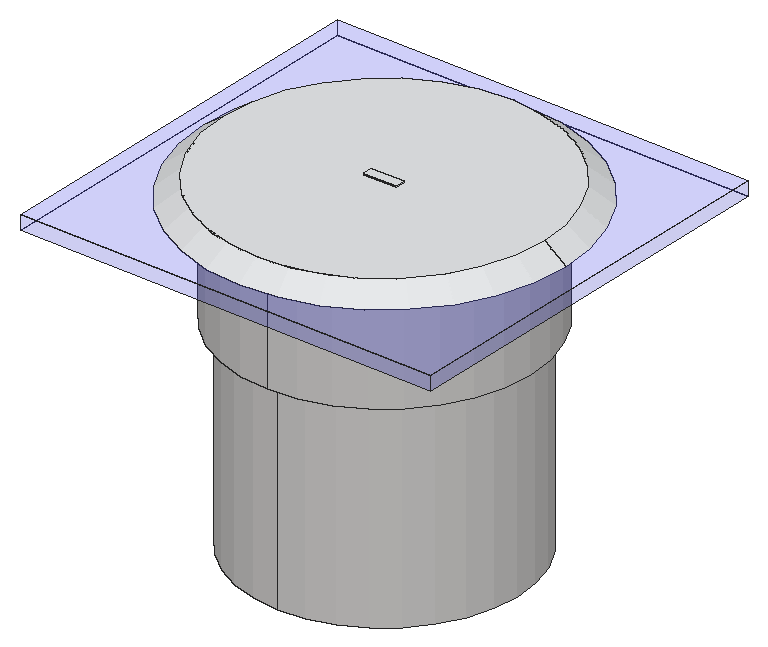
Revit family "AC-C8T", category Communication Devices, host Face, Revit 2014
Parameters (values of type "AC-C8T")
  Width = Grille Radius Base * 2  # 12.441"
  Weight Product (lb) = 11.5
  Weight Product (kg) = 5.2
  Weight Dimensional (lb) = 29.3
  Weight Dimensional (kg) = 13.3
  URL = "http://www.qscaudio.com/products/speakers/acoustic_design/c_series/ad_c42t.htm"
  Sensitivity = 89
  SPL Max = 114
  Regulatory Compliance = "UL1480, UL2043"
  Product Page URL = "http://www.qsc.com/systems/products/loudspeakers/ceiling-mount-loudspeakers/acousticcoveragetm-series-ceiling/ac-c8t/"
  Product Documentation Link = "http://www.qsc.com/resource-files/productresources/spk/ac/q_spk_acc_8t_specs.pdf"
  Power Handling = 80
  Model = "AC-C8T"
  Middle Radius = 5.0197"
  Middle Depth = 3.7402"
  Manufacturer URL = "www.qscaudio.com"
  Manufacturer = "QSC Audio Products, LLC"
  Logo Material [instance] = White Powder Coated Finish
  Impedance = 8
  Grille Radius Extent = 5.5"
  Grille Radius Base = 6.2205"
  Grille Material [instance] = White Powder Coated Mesh
  Grille Depth = 0.5512"
  Enclosure Radius = 4.5866"
  Enclosure Depth = 6.9685"
  Description = "8\" Coaxial 2-way Loudspeaker Element"
  Depth = Grille Depth + Middle Depth + Enclosure Depth  # 11.2599"
  Default Elevation = 0"
  Coverage Vertical = 100.00°
  Coverage Horizontal = 100.00°
  70V Taps = "60, 30, 15, 7.5, 3.8"
  100V Taps = "60, 30, 15, 7.5"
Reference planes (in)
  plane 1 "Center (Front/Back)": y = 0
  plane 2: z = 0
  plane 3 "Center (Left/Right)": x = 0
  plane 4 "Grill Extent": z = 0.5512
  plane 5 "Enclosure Extent": z = -10.7087
  plane 6 "Middle Extent": z = -3.7402
Forms (in)
  Extrusion 1, solid, material "Glass"
    sketch origin (0, 0, 0) x (1, 0, 0) y (0, 1, 0)
      loop
        line (-7, 6.75) -> (-7, -6.89008) -> (7.10422, -6.89008) -> (7.10422, 6.75) -> (-7, 6.75)
    from 0 to -0.4951
  Extrusion 2, solid, material "Steel"
    sketch origin (0, 0, -3.7402) x (0, 1, 0) y (-1, 0, 0)
      loop
        circle (0, 0) r 5.0197
    from 0 to 3.7402 <- "Middle Depth"
  Extrusion 3, solid, material "Steel"
    sketch origin (0, 0, -10.7087) x (0, 1, 0) y (-1, 0, 0)
      loop
        circle (0, 0) r 4.5866
    from 0 to 6.9685 <- "Enclosure Depth"
  Blend 4, solid, material "White Powder Coated Mesh" <- "Grille Material"
    base sketch origin (0, 0, 0) x (1, 0, 0) y (0, 1, 0)
      loop
        circle (0, 0) r 6.2205
    top sketch origin (0, 0, 0) x (1, 0, 0) y (0, 1, 0)
      loop
        circle (0, 0) r 5.5
    from 0 to 0.5512 <- "Grille Depth"
  Extrusion 5, solid, material "White Powder Coated Finish" <- "Logo Material"
    sketch origin (-7.192, -0.9574, 0.5512) x (0, 1, 0) y (-1, 0, 0)
      loop
        arc (1.11292, -6.6296) -> (1.10706, -6.61546) -> (1.09292, -6.6096) r 0.02
        line (1.09292, -6.6096) -> (0.79179, -6.6096)
        arc (0.79179, -6.6096) -> (0.77765, -6.61546) -> (0.77179, -6.6296) r 0.02
        line (0.77179, -6.6296) -> (0.77179, -7.7373)
        arc (0.77179, -7.7373) -> (0.77765, -7.75144) -> (0.79179, -7.7573) r 0.02
        line (0.79179, -7.7573) -> (1.09292, -7.7573)
        arc (1.09292, -7.7573) -> (1.10706, -7.75144) -> (1.11292, -7.7373) r 0.02
        line (1.11292, -7.7373) -> (1.11292, -6.6296)
    from 0 to 0.03125
Lines and regions (in)
  model lines
    curve 1: line (0.07625, -0.06087, 0.58245) -> (-0.01101, 0.05409, 0.58245)
    curve 2: line (-0.01101, 0.05409, 0.58245) -> (0.07625, -0.06087, 0.58245)
    curve 3: line (-0.32737, -0.04652, 0.58245) -> (-0.2944, 0.07207, 0.58245)
    curve 4: line (-0.2944, 0.07207, 0.58245) -> (-0.32737, -0.04652, 0.58245)
    curve 5: line (-0.2723, -0.12504, 0.58245) -> (-0.29691, 0.09442, 0.58245)
    curve 6: line (-0.29691, 0.09442, 0.58245) -> (-0.2723, -0.12504, 0.58245)
    curve 7: line (0.19309, 0.0285, 0.58245) -> (0.2709, -0.02866, 0.58245)
    curve 8: line (0.2709, -0.02866, 0.58245) -> (0.19309, 0.0285, 0.58245)
Dimensions and locks (in)
  "Grille Depth": plane 4 "Grill Extent" to plane 2
  "Middle Depth": plane 6 "Middle Extent" to plane 2
  "Enclosure Depth": plane 5 "Enclosure Extent" to plane 6 "Middle Extent"
  "Middle Radius": radius of Extrusion 2 sketch curve
  "Enclosure Radius": radius of Extrusion 3 sketch curve
  "Grille Radius Base": radius of Blend 4 sketch curve
  "Grille Radius Extent": radius of Blend 4 sketch curve
  aligned and locked: plane 2 to Extrusion 1
  aligned and locked: level to Extrusion 1
Automatic sketch dimensions
  Extrusion 1 sketch curve to Extrusion 1 sketch curve = 14.10422"
  Extrusion 1 sketch curve to Extrusion 1 sketch curve = 13.64008"
  plane 1 "Center (Front/Back)" to Extrusion 2 sketch curve = 0"
  Extrusion 2 sketch curve to plane 3 "Center (Left/Right)" = 0"
  plane 1 "Center (Front/Back)" to Extrusion 3 sketch curve = 0"
  Extrusion 3 sketch curve to plane 3 "Center (Left/Right)" = 0"
  plane 1 "Center (Front/Back)" to Blend 4 sketch curve = 0"  (x2)
  Blend 4 sketch curve to plane 3 "Center (Left/Right)" = 0"  (x2)
  plane 1 "Center (Front/Back)" to Extrusion 5 sketch curve = 0.18561"
  Extrusion 5 sketch curve to Extrusion 5 sketch curve = 0.02"  (x3)
  Extrusion 5 sketch curve to Extrusion 5 sketch curve = 0.30113"  (x2)
  plane 3 "Center (Left/Right)" to Extrusion 5 sketch curve = 0.5653"
  Extrusion 5 sketch curve to Extrusion 5 sketch curve = 1.1077"
  curve 6 to Extrusion 5 = 0.06057"
  curve 5 to curve 6 = 0"  (x3)
  curve 1 to Extrusion 5 = 0.12474"
  curve 2 to curve 1 = 0"  (x3)
  curve 6 to curve 4 = 0.07852"
  curve 3 to curve 4 = 0"  (x3)
  curve 7 to Extrusion 5 = 0.15694"
  curve 8 to curve 7 = 0"  (x3)
  curve 8 to curve 7 = 0.05717"
  curve 1 to Extrusion 5 = 0.10143"
  curve 3 to curve 6 = 0.02235"
  curve 8 to Extrusion 5 = 0.2944"
  curve 7 to curve 8 = 0"
  curve 8 to curve 7 = 0.07781"
  curve 7 to curve 2 = 0.11684"
  curve 1 to curve 2 = 0"
  curve 1 to curve 1 = 0.08726"
  curve 6 to Extrusion 5 = 0.3101"
  curve 5 to curve 4 = 0.0221"
  curve 3 to curve 5 = 0.00251"
  curve 6 to curve 5 = 0"
  curve 6 to curve 4 = 0.05507"
Connectors (in)
  cabletrayconduit at (0, 0, -10.7087), diameter 24
    settings: on Extrusion 3, index 1, connector width 12", connector height 12", connector angle 0.00°, system type 32, placement type 1, profile type 0, connector reference index -1, is primary connector yes, connector utility param no, connector description "Concentric 1/2\" and 3/4\" Knockouts"
  electrical at (0, 0, -10.7087)
    settings: on Extrusion 3, index 2, voltage 0 V, apparent load 0 VA, apparent load phase1 0 VA, apparent load phase2 0 VA, apparent load phase3 0 VA, power factor 1, load classification "Other", number of poles 1, system type 14, power factor state 1, is connector primary yes, connector utility no, sub classification motor no, connector description "Speaker"
